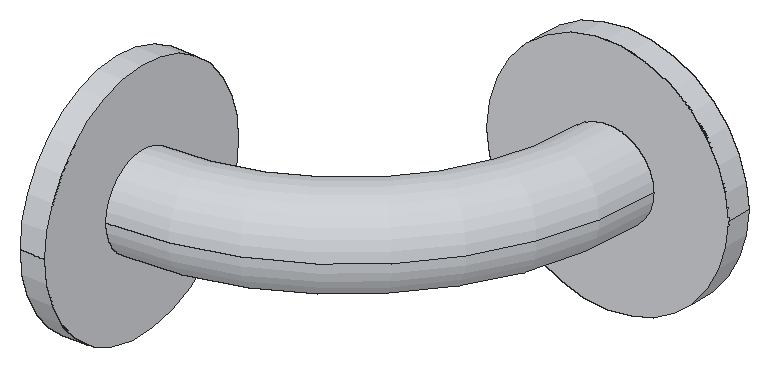
Revit family "M_Cotovelo de raio longo - Flange - CS - Classe 125", category Conexões de tubo, Revit 2019
Family settings
  Cota do conector redondo = Usar raio
  Tipo de parte = Cotovelo
  Número OmniClass = 23.60.30.11.14
  Título OmniClass = Pipework Fittings
  ID de item do Seek = Elbow Long Radius - Flanged - GI - Class 125-0000-CAN-ENU
  Com base no plano de trabalho = Não
  Sempre na vertical = Sim
  Corte com vazios quando carregada = Não
  Compartilhado = Não
Parameters (values of type "Padrão")
  Espessura da parede [instance] = size_lookup(Nome da tabela de pesquisa, "WThk", 0.04 * Diâmetro nominal + 7.938 mm, Diâmetro nominal)  # 7.9 mm
  Tamanho da marca de revisão [instance] = Diâmetro da flange * 0.4  # 43.2 mm
  Método de perda = Coeficiente K da tabela
  Nome da tabela de pesquisa = "M_Elbow Long Radius - Flanged - GI - Class 125"
  Comprimento 4 [instance] = Comprimento 1 * sin(Ângulo)  # 127 mm
  Comprimento 3 [instance] = Comprimento 1 * cos(Ângulo) + Comprimento 1  # 127 mm
  Tabela de coeficiente K = "Cotovelo com raio longo flangeado 45, 90 e 180"
  Raio externo da conexão [instance] = Diâmetro externo da conexão / 2  # 20.4 mm
  Diâmetro externo da conexão [instance] = Diâmetro interno da conexão + Espessura da parede * 2  # 40.8 mm
  Comprimento 2 [instance] = (Raio externo da conexão + 0.794 mm) * tan(Ângulo / 2) + Espessura do flange  # 32.294 mm
  Raio nominal [instance] = 12.5 mm
  Diâmetro nominal [instance] = Raio nominal * 2  # 25 mm
  Diâmetro interno da conexão [instance] = size_lookup(Nome da tabela de pesquisa, "FID", 1.02 * Diâmetro nominal - 1.091 mm, Diâmetro nominal)  # 25 mm
  Comprimento 1 [instance] = if(Centro à face > Raio externo da conexão * tan(Ângulo / 2) + Espessura do flange, Centro à face, Comprimento 2)  # 127 mm
  Centro à face [instance] = size_lookup(Nome da tabela de pesquisa, "CtF", 1.27 * Diâmetro nominal + 99.814 mm, Diâmetro nominal)  # 127 mm
  Raio do centro [instance] = (Comprimento 1 - Espessura do flange) / tan(Ângulo / 2)  # 115.9 mm
  Espessura do flange [instance] = size_lookup(Nome da tabela de pesquisa, "FThk", 0.05 * Diâmetro nominal + 15.974 mm, Diâmetro nominal)  # 11.1 mm
  Raio da flange [instance] = Diâmetro da flange / 2  # 54 mm
  Diâmetro da flange [instance] = size_lookup(Nome da tabela de pesquisa, "FDia", 1.19 * Diâmetro nominal + 100.806 mm, Diâmetro nominal)  # 108 mm
  Assembly Code = ""
  Ângulo [instance] = 90.00°
Reference planes
  plane 1 "Centro (Frente/Trás)": y = 0
  plane 2: z = 0
  plane 3 "Centro (Esquerda/Direita)": x = 0
  plane 4: x = -115.9
  plane 5: x = -127
  plane 6: y = 115.9
  plane 7: y = 43.2
  plane 8: y = -43.2
  plane 9: x = 0
  plane 10: y = 127
Forms (mm)
  Sweep 1, solid, detail levels fine
    path in 3D
      loop
        arc (-115.9, 0, 0) -> (-33.946, 33.946, 0) -> (0, 115.9, 0) r 115.9
    profile origin (-33.946, 33.946, 0) x (-0.707107, 0.707107, 0) y (0, 0, 1)
      loop
        circle (0, 0) r 20.4
  Sweep 2, solid, detail levels fine
    path in 3D
      loop
        line (-127, 0, 0) -> (-115.9, 0, 0)
    profile origin (-121.45, 0, 0) x (0, 1, 0) y (0, 0, 1)
      loop
        circle (0, 0) r 54
  Sweep 3, solid, detail levels fine
    path in 3D
      loop
        line (0, 115.9, 0) -> (0, 127, 0)
    profile origin (0, 121.45, 0) x (-1, 0, 0) y (0, 0, 1)
      loop
        circle (0, 0) r 54
Cuts and joins
  joined: Sweep 1, Sweep 2, Sweep 3
Lines and regions (mm)
  model lines, detail levels coarse+medium
    curve 1: line (-127, 0, 0) -> (-115.9, 0, 0)
    curve 2: arc (-115.9, 0, 0) -> (-33.946, 33.946, 0) -> (0, 115.9, 0) r 115.9
    curve 3: line (0, 115.9, 0) -> (0, 127, 0)
    curve 8: line (-127, 0, 0) -> (-127, 43.2, 0)
    curve 9: line (-127, 0, 0) -> (-127, -43.2, 0)
    curve 10: line (0, 127, 0) -> (-43.2, 127, 0)
    curve 11: line (0, 127, 0) -> (43.2, 127, 0)
  sketch lines
    curve 4: arc (-115.9, 0, 0) -> (-33.946, 33.946, 0) -> (0, 115.9, 0) r 115.9
    curve 5: line (-127, 0, 0) -> (-115.9, 0, 0)
    curve 6: line (0, 115.9, 0) -> (0, 127, 0)
  reference lines
    curve 7: line (-127, 0, 0) -> (-115.9, 0, 0)
    curve 12: line (0, 127, 0) -> (0, 115.9, 0)
Dimensions and locks
  "Raio do centro": plane 6 to plane 1 "Centro (Frente/Trás)"
  "Espessura do flange": plane 5 to plane 4
  "Tamanho da marca de revisão": plane 7 to plane 1 "Centro (Frente/Trás)"
  "Tamanho da marca de revisão": plane 8 to plane 1 "Centro (Frente/Trás)"
  "Espessura do flange": curve 3 to curve 3
  "Tamanho da marca de revisão": curve 10 to curve 10
  "Tamanho da marca de revisão": curve 11 to curve 11
  "Comprimento 1": plane 5 to plane 3 "Centro (Esquerda/Direita)"
  "Comprimento 3": plane 5 to plane 9
  "Comprimento 4": plane 10 to plane 1 "Centro (Frente/Trás)"
  "Raio do centro": radius of curve 2
  "Raio externo da conexão": radius of Sweep 1 sketch curve
  "Raio da flange": radius of Sweep 2 sketch curve
  "Raio da flange": radius of Sweep 3 sketch curve
  "Ângulo": angle curve 2 to curve 2
  "Ângulo": angle plane 1 "Centro (Frente/Trás)" to curve 3
  locked: curve 11 to curve 3 (angle 90.00°)
  locked: curve 3 to curve 10 (angle 90.00°)
  "Ângulo": angle plane 10 to curve 12
  aligned and locked: plane 4 to curve 2
  aligned and locked: plane 5 to curve 7
  aligned and locked: plane 1 "Centro (Frente/Trás)" to curve 7
  aligned and locked: plane 7 to curve 8
  aligned and locked: plane 1 "Centro (Frente/Trás)" to curve 9
  aligned and locked: plane 8 to curve 9
  aligned and locked: curve 9 to plane 5
  aligned and locked: plane 9 to curve 12
  aligned and locked: plane 10 to curve 12
Automatic sketch dimensions
  Sweep 1 sketch curve to profile plane = 0 mm  (x2)
  Sweep 2 sketch curve to profile plane = 0 mm  (x2)
  Sweep 3 sketch curve to profile plane = 0 mm  (x2)
  curve 7 to plane 4 = 0 mm
Connectors
  piping at (-127, 0, 0), diameter 25, driven by "Ângulo", driven by "Raio nominal"
    settings: on cut or joined group of Sweep 1, Sweep 2, Sweep 3, index 1, connector inside diameter 25 mm, connector length 0 mm, flow factor 0, pipe flow 0.0 L/s, pressure drop 0.0 Pa, fitting loss kfactor 0, connector angle 90.00°, fixture units 0, engagement length 0 mm, angle of deflection 0.00°, flow configuration 0, flow direction 0, fitting loss method 0, system type 28, joint type 0, gender type 0, connector reference index 2, connector utility 0, adjustable connector no, is connector primary yes, connector description ""
  piping at (0, 127, 0), diameter 25, driven by "Ângulo", driven by "Raio nominal"
    settings: on cut or joined group of Sweep 1, Sweep 2, Sweep 3, index 2, connector inside diameter 25 mm, connector length 0 mm, flow factor 0, pipe flow 0.0 L/s, pressure drop 0.0 Pa, fitting loss kfactor 0, connector angle 90.00°, fixture units 0, engagement length 0 mm, angle of deflection 0.00°, flow configuration 0, flow direction 0, fitting loss method 0, system type 28, joint type 0, gender type 0, connector reference index 1, connector utility 0, adjustable connector no, is connector primary no, connector description ""
